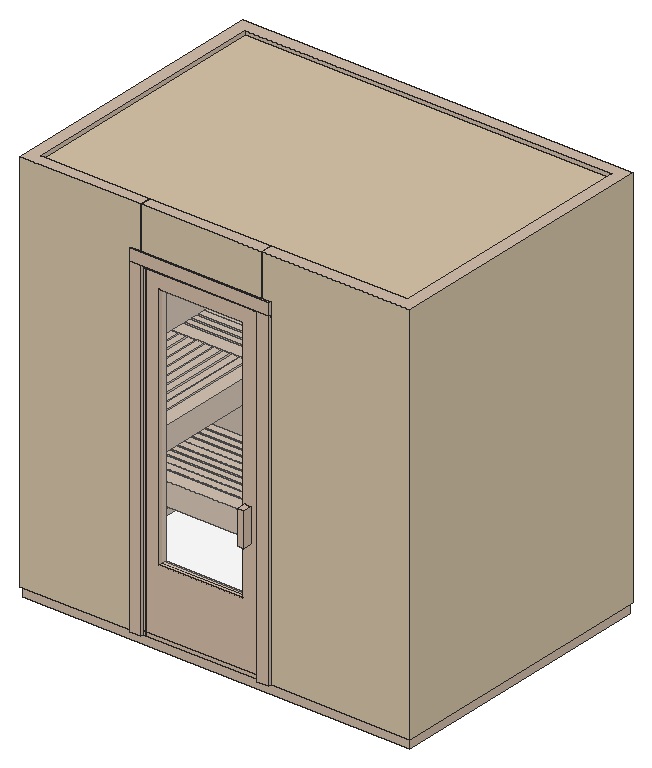
Revit family "Sauna-Room_Prefab_Finlandia_FPF-57", category Specialty Equipment, Revit 2026
Family settings
  Round Connector Dimension = Use Diameter
  Part Type = Normal
  Classification Number = 23.40.50.34.37
  Work Plane-Based = Yes
  Enable Cutting in Views = No
  Always vertical = No
  Cut with Voids When Loaded = No
  Maintain Annotation Orientation = No
  Shared = No
  Room Calculation Point = No
Parameters (values of type "Indoor Reversed as Specified")
  Warranty Duration (Years) = 0
  Wall Thickness = 0' - 2 1/2"
  Unit Width = 7' - 0"
  Unit Height = 7' - 1"
  Unit Depth = 5' - 0"
  URL = "http://www.finlandiasauna.com/index.html"
  UBRRO = 0' - 0"  # constant formula
  UBRLO = 0' - 0"  # constant formula
  Structural Frame Material [instance] = Wood - Red Cedar - Finlandia - Finish as Specified
  Standard = not(Reversed)  # no
  Specification = "http://www.arcat.com/sdspecs/htm/13052fin.htm"
  SpecWizard = ""
  Send Message = "http://www.arcat.com/users.pl?action=UserEmail&amp;company=Finlandia+Sauna+Products,+Inc.&amp;coid=32492&amp;rep=133&amp;fax=503-684-1120&amp;mf=95"
  Sales Information = "http://www.finlandiasauna.com/sauna-contactus.html"
  Revision = "R1_2014-07"
  Reversed = yes
  Product Properties = ""
  Product Data = "http://www.arcat.com/arcatcos/cos9532/arc32492.html"
  Model = "FPF 57"
  Manufacturer Website = "http://www.finlandiasauna.com/index.html"
  Manufacturer Phone - Toll Free = "800-354-3342"
  Manufacturer Phone = "503-684-8289"
  Manufacturer Fax = "503-684-1120"
  Manufacturer Address = "14010-B S.W. 72nd Ave.  Portland, OR 97224-0088"
  Manufacturer = "Finlandia Sauna Products, Inc."
  Maintenance Schedule (Months) = 0
  LBRRO = 0' - 0"  # constant formula
  LBRLO = 0' - 0"  # constant formula
  Keynote = "13052"
  Interior Finish [instance] = Wood - TnG - Finlandia - Red Cedar as Specified
  Installation-Fabrication = ""
  Installation Phase = ""
  Heater Type [instance] = SaunaHeater : FIN 3 kW
  Green Building-LEED = "http://www.arcat.com/green/clients95/leed_data_32492.html"
  Exterior Finish [instance] = Wood - Mahogany - Finlandia - Finish as Specified
  Exposed Base [instance] = 0' - 2"
  Expected Lifespan (Years) = 0
  Drawn By = "Sumex Design, Inc. / Robert S. Weygant, CSI, CDT, SCIP"
  DoorOffset = if(Reversed, Unit Width - 2' 2" - Door RO Width, 2' 2")  # 2' - 8"
  Door Slab Finish [instance] = Wood - Douglas Fir - Finlandia - Finish as Specified
  Door RO Width = 2' - 2"
  Door RO Height [instance] = 6' - 0"
  Door Glazing Tint [instance] = Glazing - Finlandia - Clear
  Door Frame Finish [instance] = Wood - Douglas Fir - Finlandia - Finish as Specified
  Description = "Finlandia Prefab Modular Sauna Room - FPF 57 as Specified"
  Default Elevation = 0' - 0"
  Copyright = "©Arcat Inc."
  Construction Details = "http://www.arcat.com/details/finsauna/95finsauna.html?coid=32492"
  Capacity = "4 People"
  Bench Slat Material [instance] = Wood - Red Cedar - Finlandia - Finish as Specified
  Assembly Code = "F1010300"
Types (2): name | Standard | Reversed | DoorOffset
  Indoor Reversed as Specified | no | yes | 2' - 8"
  Indoor Standard as Specified | yes | no | 2' - 2"
Reference planes (in)
  plane 1 "Center (Front/Back)": y = 0
  plane 2 "Bottom": z = 0
  plane 3 "Center (Left/Right)": x = 0
  plane 4 "Front": y = -30
  plane 5 "Back": y = 30
  plane 6 "Left": x = -42
  plane 7 "Right": x = 42
  plane 8 "Top": z = 85
  plane 9: x = -39.5
  plane 10: x = 39.5
  plane 11: y = 27.5
  plane 12: y = -27.5
  plane 13: z = 2
  plane 14: x = -16
  plane 15: x = 10
  plane 16: z = 74
Forms (in)
  Extrusion 1, solid, material "Wood - Red Cedar - Finlandia - Finish as Specified" <- "Structural Frame Material"
    sketch origin (0, 0, 0) x (1, 0, 0) y (0, 1, 0)
      loop
        line (-41.65625, 29.65625) -> (-41.65625, -29.65625) -> (41.65625, -29.65625) -> (41.65625, 29.65625) -> (-41.65625, 29.65625)
      loop
        line (-40.15625, 28.15625) -> (-40.15625, -28.15625) -> (40.15625, -28.15625) -> (40.15625, 28.15625) -> (-40.15625, 28.15625)
    from 0 to 2
  Extrusion 2, solid, material "Wood - Red Cedar - Finlandia - Finish as Specified" <- "Structural Frame Material"
    sketch origin (0, 0, 0) x (1, 0, 0) y (0, 1, 0)
      loop
        line (-39.5, -27.5) -> (-39.5, 27.5) -> (39.5, 27.5) -> (39.5, -27.5) -> (10, -27.5) -> (10, -30) -> (42, -30) -> (42, 30) -> (-42, 30) -> (-42, -30) -> (-16, -30) -> (-16, -27.5) -> (-39.5, -27.5)
    from 2 to 85
  Sweep 3, solid, material "Wood - Red Cedar - Finlandia - Finish as Specified" <- "Bench Slat Material", visible <- "Reversed"
    path origin (0, 0, 0) x (1, 0, 0) y (0, 1, 0)
      loop
        line (-39.5, -27.5) -> (-39.5, 7.5)
    profile "Bench : Bench" origin (-39.5, -10, 0) x (-1, 0, 0) y (0, 0, 1)
      loop
        line (0, 31.5) -> (0, 36) -> (-1.625, 36) -> (-1.625, 34.5) -> (-2, 34.5) -> (-2, 36) -> (-3.5, 36) -> (-3.5, 34.5) -> (-3.875, 34.5) -> (-3.875, 36) -> (-5.375, 36) -> (-5.375, 34.5) -> (-5.75, 34.5) -> (-5.75, 36) -> (-7.25, 36) -> (-7.25, 34.5) -> (-7.625, 34.5) -> (-7.625, 36) -> (-9.125, 36) -> (-9.125, 34.5) -> (-9.5, 34.5) -> (-9.5, 36) -> (-11, 36) -> (-11, 34.5) -> (-11.375, 34.5) -> (-11.375, 36) -> (-12.875, 36) -> (-12.875, 34.5) -> (-13.25, 34.5) -> (-13.25, 36) -> (-14.75, 36) -> (-14.75, 34.5) -> (-15.125, 34.5) -> (-15.125, 36) -> (-16.625, 36) -> (-16.625, 34.5) -> (-17, 34.5) -> (-17, 36) -> (-20, 36) -> (-20, 31) -> (-18.5, 31) -> (-18.5, 31.5) -> (0, 31.5)
  Sweep 4, solid, material "Wood - Red Cedar - Finlandia - Finish as Specified" <- "Bench Slat Material", visible <- "Standard"
    path origin (0, 0, 0) x (-1, 0, 0) y (0, 1, 0)
      loop
        line (-39.5, -27.5) -> (-39.5, 7.5)
    profile "Bench : Bench" origin (39.5, -10, 0) x (-1, 0, 0) y (0, 0, 1)
      loop
        line (0, 31.5) -> (18.5, 31.5) -> (18.5, 31) -> (20, 31) -> (20, 36) -> (17, 36) -> (17, 34.5) -> (16.625, 34.5) -> (16.625, 36) -> (15.125, 36) -> (15.125, 34.5) -> (14.75, 34.5) -> (14.75, 36) -> (13.25, 36) -> (13.25, 34.5) -> (12.875, 34.5) -> (12.875, 36) -> (11.375, 36) -> (11.375, 34.5) -> (11, 34.5) -> (11, 36) -> (9.5, 36) -> (9.5, 34.5) -> (9.125, 34.5) -> (9.125, 36) -> (7.625, 36) -> (7.625, 34.5) -> (7.25, 34.5) -> (7.25, 36) -> (5.75, 36) -> (5.75, 34.5) -> (5.375, 34.5) -> (5.375, 36) -> (3.875, 36) -> (3.875, 34.5) -> (3.5, 34.5) -> (3.5, 36) -> (2, 36) -> (2, 34.5) -> (1.625, 34.5) -> (1.625, 36) -> (0, 36) -> (0, 31.5)
  Sweep 5, solid, material "Wood - Red Cedar - Finlandia - Finish as Specified" <- "Bench Slat Material"
    path origin (-77.70319, 6.79815, 0) x (-1, 0, 0) y (0, 1, 0)
      loop
        line (-117.20319, 20.70185) -> (-38.20319, 20.70185)
    profile "Bench : Bench" origin (0, 27.5, 0) x (0, -1, 0) y (0, 0, 1)
      loop
        line (0, 31.5) -> (18.5, 31.5) -> (18.5, 31) -> (20, 31) -> (20, 36) -> (17, 36) -> (17, 34.5) -> (16.625, 34.5) -> (16.625, 36) -> (15.125, 36) -> (15.125, 34.5) -> (14.75, 34.5) -> (14.75, 36) -> (13.25, 36) -> (13.25, 34.5) -> (12.875, 34.5) -> (12.875, 36) -> (11.375, 36) -> (11.375, 34.5) -> (11, 34.5) -> (11, 36) -> (9.5, 36) -> (9.5, 34.5) -> (9.125, 34.5) -> (9.125, 36) -> (7.625, 36) -> (7.625, 34.5) -> (7.25, 34.5) -> (7.25, 36) -> (5.75, 36) -> (5.75, 34.5) -> (5.375, 34.5) -> (5.375, 36) -> (3.875, 36) -> (3.875, 34.5) -> (3.5, 34.5) -> (3.5, 36) -> (2, 36) -> (2, 34.5) -> (1.625, 34.5) -> (1.625, 36) -> (0, 36) -> (0, 31.5)
  Sweep 6, solid, material "Wood - Red Cedar - Finlandia - Finish as Specified" <- "Bench Slat Material"
    path origin (-77.70319, -13.20185, 0) x (-1, 0, 0) y (0, 1, 0)
      loop
        line (-117.20319, 24.70185) -> (-38.20319, 24.70185)
    profile "Bench : Bench" origin (0, 11.5, 0) x (0, -1, 0) y (0, 0, 1)
      loop
        line (0, 13.5) -> (18.5, 13.5) -> (18.5, 13) -> (20, 13) -> (20, 18) -> (17, 18) -> (17, 16.5) -> (16.625, 16.5) -> (16.625, 18) -> (15.125, 18) -> (15.125, 16.5) -> (14.75, 16.5) -> (14.75, 18) -> (13.25, 18) -> (13.25, 16.5) -> (12.875, 16.5) -> (12.875, 18) -> (11.375, 18) -> (11.375, 16.5) -> (11, 16.5) -> (11, 18) -> (9.5, 18) -> (9.5, 16.5) -> (9.125, 16.5) -> (9.125, 18) -> (7.625, 18) -> (7.625, 16.5) -> (7.25, 16.5) -> (7.25, 18) -> (5.75, 18) -> (5.75, 16.5) -> (5.375, 16.5) -> (5.375, 18) -> (3.875, 18) -> (3.875, 16.5) -> (3.5, 16.5) -> (3.5, 18) -> (2, 18) -> (2, 16.5) -> (1.625, 16.5) -> (1.625, 18) -> (0, 18) -> (0, 13.5)
  Extrusion 7, solid, material "Wood - Red Cedar - Finlandia - Finish as Specified" <- "Structural Frame Material"
    sketch origin (-43.59721, -180, 85) x (-1, 0, 0) y (0, -1, 0)
      loop
        line (-27.59721, -152.5) -> (-27.59721, -150) -> (-53.59721, -150) -> (-53.59721, -152.5) -> (-27.59721, -152.5)
    from 0 to -11
  Extrusion 8, solid, material "Wood - Mahogany - Finlandia - Finish as Specified" <- "Exterior Finish"
    sketch origin (-43.59721, -180, 85) x (-1, 0, 0) y (0, -1, 0)
      loop
        line (-4.09721, -207.5) -> (-4.09721, -152.5) -> (-83.09721, -152.5) -> (-83.09721, -207.5) -> (-4.09721, -207.5)
    from -3.875 to -0.75
  Extrusion 9, solid, material "Wood - Red Cedar - Finlandia - Finish as Specified" <- "Bench Slat Material", visible <- "Standard"
    sketch origin (0, 0, 0) x (1, 0, 0) y (0, 1, 0)
      loop
        line (-16, -27.5) -> (-14.5, -27.5) -> (-14.5, -12.5) -> (-39.5, -12.5) -> (-39.5, -14) -> (-16, -14) -> (-16, -27.5)
    from 0 to 31.5
  Extrusion 10, solid, material "Wood - Red Cedar - Finlandia - Finish as Specified" <- "Bench Slat Material", visible <- "Reversed"
    sketch origin (0, 0, 0) x (-1, 0, 0) y (0, -1, 0)
      loop
        line (-16, 27.5) -> (-16, 14) -> (-39.5, 14) -> (-39.5, 12.5) -> (-14.5, 12.5) -> (-14.5, 27.5) -> (-16, 27.5)
    from 0 to 31.5
Dimensions and locks (in)
  equal spacing: plane 6 "Left", plane 3 "Center (Left/Right)", plane 7 "Right"
  "Unit Width": plane 6 "Left" to plane 7 "Right"
  equal spacing: plane 5 "Back", plane 1 "Center (Front/Back)", plane 4 "Front"
  "Unit Depth": plane 5 "Back" to plane 4 "Front"
  "Unit Height": plane 8 "Top" to level
  "Wall Thickness": plane 5 "Back" to plane 11
  "Wall Thickness": plane 12 to plane 4 "Front"
  "Wall Thickness": plane 6 "Left" to plane 9
  "Wall Thickness": plane 10 to plane 7 "Right"
  "Exposed Base": plane 13 to level
  plane 6 "Left" to Extrusion 1 sketch curve to Extrusion 1 sketch curve = 0' - 0 11/32" locked, 0' - 1 1/2" locked
  Extrusion 1 sketch curve to Extrusion 1 sketch curve to plane 7 "Right" = 0' - 1 1/2" locked, 0' - 0 11/32" locked
  plane 5 "Back" to Extrusion 1 sketch curve to Extrusion 1 sketch curve = 0' - 0 11/32" locked, 0' - 1 1/2" locked
  Extrusion 1 sketch curve to Extrusion 1 sketch curve to plane 4 "Front" = 0' - 1 1/2" locked, 0' - 0 11/32" locked
  "Door RO Width": plane 14 to plane 15
  "DoorOffset": plane 15 to plane 7 "Right"
  locked: plane 11 to Sweep 6 sketch curve at 16
  "LBRLO": plane 9 to Sweep 6 sketch curve
  "LBRRO": Sweep 6 sketch curve to plane 10
  locked: plane 11 to Sweep 3 sketch curve at 20
  locked: plane 11 to Sweep 4 sketch curve at 20
  "UBRRO": Sweep 5 sketch curve to plane 10
  "UBRLO": plane 9 to Sweep 5 sketch curve
  locked: nested 2 to plane 10 at 1
  locked: plane 9 to nested 1 at 1
  locked: nested 1 to plane 12 at 1
  locked: nested 2 to plane 12 at 1
  "Door RO Height": plane 16 to plane 13
  plane 9 to Extrusion 9 sketch curve to Extrusion 9 sketch curve = 1' - 11 1/2" locked, 0' - 1 1/2" locked
  Extrusion 10 sketch curve to Extrusion 10 sketch curve to plane 10 = 0' - 1 1/2" locked, 1' - 11 1/2" locked
  aligned: Extrusion 1 to plane 13
  aligned and locked: Extrusion 2 sketch curve to plane 9
  aligned and locked: Extrusion 2 sketch curve to plane 11
  aligned and locked: Extrusion 2 sketch curve to plane 10
  aligned and locked: Extrusion 2 sketch curve to plane 12
  aligned and locked: Extrusion 2 to plane 13
  aligned and locked: Extrusion 1 to plane 13
  aligned and locked: Extrusion 2 sketch curve to plane 4 "Front"
  aligned and locked: Extrusion 2 sketch curve to plane 7 "Right"
  aligned and locked: Extrusion 2 sketch curve to plane 5 "Back"
  aligned and locked: Extrusion 2 sketch curve to plane 6 "Left"
  aligned and locked: Extrusion 2 to plane 8 "Top"
  aligned and locked: Sweep 5 sketch curve to plane 11
  aligned and locked: plane 12 to Sweep 3 sketch curve
  aligned and locked: Sweep 3 sketch curve to plane 9
  aligned and locked: Sweep 4 sketch curve to plane 10
  aligned and locked: Sweep 4 sketch curve to plane 12
  aligned and locked: plane 15 to Extrusion 2 sketch curve
  aligned and locked: plane 14 to Extrusion 2 sketch curve
  aligned and locked: Extrusion 7 sketch curve to plane 12
  aligned and locked: plane 4 "Front" to Extrusion 7 sketch curve
  aligned and locked: plane 14 to Extrusion 7 sketch curve
  aligned and locked: Extrusion 7 sketch curve to plane 15
  aligned and locked: Extrusion 7 to plane 16
  aligned and locked: plane 15 to nested 3
  aligned and locked: nested 3 to plane 12
  aligned and locked: Extrusion 8 sketch curve to plane 12
  aligned and locked: Extrusion 8 sketch curve to plane 10
  aligned and locked: Extrusion 8 sketch curve to plane 11
  aligned and locked: Extrusion 8 sketch curve to plane 9
  aligned and locked: Extrusion 9 sketch curve to plane 9
  aligned and locked: Extrusion 10 sketch curve to plane 10
Automatic sketch dimensions
  Extrusion 2 sketch curve to plane 4 "Front" = 0' - 0"
  plane 12 to Extrusion 2 sketch curve = 0' - 0"
  Extrusion 9 sketch curve to plane 12 = 0' - 0"
  Extrusion 9 sketch curve to Extrusion 9 sketch curve = 1' - 1 1/2"
  Extrusion 9 sketch curve to Extrusion 9 sketch curve = 0' - 1 1/2"
  Extrusion 10 sketch curve to plane 12 = 0' - 0"
  Extrusion 10 sketch curve to Extrusion 10 sketch curve = 1' - 1 1/2"
  Extrusion 10 sketch curve to Extrusion 10 sketch curve = 0' - 1 1/2"
Nested families (in)
  nested 1: "SaunaHeater" at (-30.5, -21, 0), visible <- "Standard", type <- "Heater Type", type "FIN 3 kW"
    with Width 1' - 4", Height 2' - 0", Depth 0' - 11"
  nested 2: "SaunaHeater" at (30.5, -21, 0), visible <- "Reversed", type <- "Heater Type", type "FIN 3 kW"
    with Width 1' - 4", Height 2' - 0", Depth 0' - 11"
  nested 3: "Door" at (-3, -28.75, 2), Swing Right <- "Standard", Swing Left <- "Reversed", frame finish <- "Door Frame Finish", glazing <- "Door Glazing Tint", door finish <- "Door Slab Finish", Wall Thickness <- "Wall Thickness", Rough Width <- "Door RO Width", Rough Height <- "Door RO Height", type "Standard"
    with glazing Glazing - Finlandia - Clear, frame finish Wood - Douglas Fir - Finlandia - Finish as Specified, door finish Wood - Douglas Fir - Finlandia - Finish as Specified, built-in parameter 1001301 2' - 0", Wall Thickness 0' - 2 1/2", Swing Right no, Swing Left yes, built-in parameter 1001305 2' - 2", built-in parameter 1001304 6' - 0"
Connectors (in)
  electrical at (0, 0, 84.25)
    settings: on Extrusion 8, index 1, voltage 0 V, apparent load 0 VA, apparent load phase1 0 VA, apparent load phase2 0 VA, apparent load phase3 0 VA, power factor 1, load classification "Other", number of poles 1, system type 31, power factor state 1, is connector primary yes, connector utility no, sub classification motor no, connector description ""
Definition of nested family "SaunaHeater"
  Parameters
    Width = 1' - 8 1/8"
    Height = 2' - 8"
    Depth = 1' - 8 1/8"
    Default Elevation = 0' - 0"
  Reference planes (in)
    plane 1 "Center (Front/Back)": y = 0
    plane 2: z = 0
    plane 3 "Center (Left/Right)": x = 0
    plane 4: x = -10.0625
    plane 5: x = 10.0625
    plane 6: y = 10.0625
    plane 7: y = -10.0625
    plane 8: z = 32
  Forms (in)
    Extrusion 1, solid
      sketch origin (0, 0, 0) x (1, 0, 0) y (0, 1, 0)
        loop
          line (-10.0625, 10.0625) -> (-10.0625, -10.0625) -> (10.0625, -10.0625) -> (10.0625, 10.0625) -> (-10.0625, 10.0625)
      from 0 to 32
  Dimensions and locks (in)
    equal spacing: plane 4, plane 3 "Center (Left/Right)", plane 5
    equal spacing: plane 6, plane 1 "Center (Front/Back)", plane 7
    "Depth": plane 6 to plane 7
    "Width": plane 4 to plane 5
    "Height": plane 8 to level
    aligned and locked: level to plane 2
    aligned and locked: Extrusion 1 sketch curve to plane 6
    aligned and locked: plane 4 to Extrusion 1 sketch curve
    aligned and locked: plane 7 to Extrusion 1 sketch curve
    aligned and locked: Extrusion 1 sketch curve to plane 5
    aligned and locked: plane 8 to Extrusion 1
Definition of nested family "Door"
  Parameters
    glazing [instance] = none
    frame finish [instance] = none
    door finish [instance] = none
    Width [instance] = Rough Width - 0' 2"  # 2' - 0"
    Wall Thickness [instance] = 1' - 2"
    Swing Right [instance] = yes
    Swing Left [instance] = yes
    Rough Width [instance] = 2' - 2"
    Rough Height [instance] = 4' - 11.36872"
    Default Elevation = 4' - 0"
    Assembly Code = ""
  Reference planes (in)
    plane 1 "Center (Front/Back)": y = 0
    plane 2: z = 0
    plane 3 "Center (Left/Right)": x = 0
    plane 4: x = -13
    plane 5: x = 13
    plane 6: y = 7
    plane 7: y = -7
    plane 8: z = 59.36872
    plane 9: x = -15
    plane 10: x = 15
    plane 11: y = -31
  Forms (in)
    Extrusion 1, solid, material <- "frame finish"
      sketch origin (-22.33749, -180, 59.36872) x (-1, 0, 0) y (0, -1, 0)
        loop
          line (-9.33749, -187) -> (-9.33749, -173) -> (-7.33749, -173) -> (-7.33749, -172.5) -> (-9.83749, -172.5) -> (-9.83749, -173) -> (-10.33749, -173) -> (-10.33749, -187.5) -> (-7.33749, -187.5) -> (-7.33749, -187) -> (-9.33749, -187)
        loop
          line (-35.33749, -187) -> (-37.33749, -187) -> (-37.33749, -187.5) -> (-34.33749, -187.5) -> (-34.33749, -173) -> (-34.83749, -173) -> (-34.83749, -172.5) -> (-37.33749, -172.5) -> (-37.33749, -173) -> (-35.33749, -173) -> (-35.33749, -187)
      from -59.36872 to -0.5
    Extrusion 2, solid, material <- "frame finish"
      sketch origin (0, 0, 0) x (0, 1, 0) y (0, 0, 1)
        loop
          line (7, 58.36872) -> (7, 58.86872) -> (7.5, 58.86872) -> (7.5, 61.36872) -> (7, 61.36872) -> (7, 59.36872) -> (-7, 59.36872) -> (-7, 61.36872) -> (-7.5, 61.36872) -> (-7.5, 58.86872) -> (-7, 58.86872) -> (-7, 58.36872) -> (7, 58.36872)
      from -15 to 15
    Extrusion 3, solid, material <- "frame finish"
      sketch origin (0, 0, 0) x (1, 0, 0) y (0, 1, 0)
        loop
          line (-12, -5.25) -> (-11.25, -5.25) -> (-11.25, -4.375) -> (-12, -4.375) -> (-12, -5.25)
        loop
          line (12, -5.25) -> (12, -4.375) -> (11.25, -4.375) -> (11.25, -5.25) -> (12, -5.25)
      from 0 to 59.36872
    Extrusion 4, solid, material <- "frame finish"
      sketch origin (0, 0, 0) x (0, 1, 0) y (0, 0, 1)
        loop
          line (-5.25, 58.36872) -> (-5.25, 57.86872) -> (-4.375, 57.86872) -> (-4.375, 58.36872) -> (-5.25, 58.36872)
      from -13 to 13
    Extrusion 5, solid, material <- "door finish"
      sketch origin (-22.31101, -7, 48) x (-1, 0, 0) y (0, 0, 1)
        loop
          line (-34.31101, -47.25) -> (-10.31101, -47.25) -> (-10.31101, 10.36872) -> (-34.31101, 10.36872) -> (-34.31101, -47.25)
        loop
          line (-13.31101, 7.36872) -> (-31.31101, 7.36872) -> (-31.31101, -33.25) -> (-13.31101, -33.25) -> (-13.31101, 7.36872)
      from 0 to 1.75
    Extrusion 6, solid, material <- "frame finish"
      sketch origin (0, 0, 0) x (0, 1, 0) y (0, 0, 1)
        loop
          line (-7, 0.75) -> (-7, 0) -> (7, 0) -> (7, 0.75) -> (-7, 0.75)
      from -13 to 13
    Extrusion 7, solid, material <- "glazing"
      sketch origin (-22.31101, -7, 48) x (-1, 0, 0) y (0, 0, 1)
        loop
          line (-13.31101, 7.36872) -> (-31.31101, 7.36872) -> (-31.31101, -33.25) -> (-13.31101, -33.25) -> (-13.31101, 7.36872)
      from 1.125 to 0.625
    Extrusion 8, solid, material <- "door finish", visible <- "Swing Right"
      sketch origin (-22.31101, -7, 48) x (-1, 0, 0) y (0, 0, 1)
        loop
          line (-11.5611, -15.059) -> (-12.8111, -15.059) -> (-12.8111, -22.309) -> (-11.5611, -22.309) -> (-11.5611, -15.059)
      from 0 to -2
    Extrusion 9, solid, material <- "door finish", visible <- "Swing Left"
      sketch origin (-22.31101, -7, 48) x (-1, 0, 0) y (0, 0, 1)
        loop
          line (-33.06091, -15.059) -> (-33.06091, -22.309) -> (-31.81091, -22.309) -> (-31.81091, -15.059) -> (-33.06091, -15.059)
      from 0 to -2
  Lines and regions (in)
    symbolic lines, visible <- "Swing Right"
      curve 1: line (12, -7, 0) -> (12, -31, 0)
      curve 2: arc (12, -31, 0) -> (-4.97056, -23.97056, 0) -> (-12, -7, 0) r 24
    symbolic lines, visible <- "Swing Left"
      curve 3: arc (-12, -31, 0) -> (4.97056, -23.97056, 0) -> (12, -7, 0) r 24
      curve 4: line (-12, -31, 0) -> (-12, -7, 0)
  Dimensions and locks (in)
    equal spacing: plane 6, plane 1 "Center (Front/Back)", plane 7
    "Wall Thickness": plane 6 to plane 7
    equal spacing: plane 4, plane 3 "Center (Left/Right)", plane 5
    "Rough Width": plane 4 to plane 5
    "Rough Height": plane 8 to level
    Extrusion 1 sketch curve to plane 4 to Extrusion 1 sketch curve = 0' - 2" locked, 0' - 1" locked
    locked: Extrusion 1 sketch curve to plane 6 at 0.5  (x2)
    locked: plane 7 to Extrusion 1 sketch curve at 0.5  (x2)
    Extrusion 1 sketch curve to plane 4 to Extrusion 1 sketch curve = 0' - 2" locked, 0' - 0 1/2" locked
    Extrusion 1 sketch curve to plane 5 to Extrusion 1 sketch curve = 0' - 1" locked, 0' - 2" locked
    Extrusion 1 sketch curve to plane 5 to Extrusion 1 sketch curve = 0' - 0 1/2" locked, 0' - 2" locked
    Extrusion 2 sketch curve to plane 8 to Extrusion 2 sketch curve = 0' - 2" locked, 0' - 0 1/2" locked
    locked: Extrusion 2 sketch curve to plane 7 at 0.5
    locked: plane 6 to Extrusion 2 sketch curve at 0.5
    Extrusion 2 sketch curve to plane 8 to Extrusion 2 sketch curve to Extrusion 2 sketch curve = 0' - 2" locked, 0' - 0 1/2" locked, 0' - 0 1/2" locked
    Extrusion 3 sketch curve to Extrusion 3 sketch curve to plane 7 = 0' - 0 7/8" locked, 0' - 1 3/4" locked
    locked: Extrusion 3 sketch curve to Extrusion 3 sketch curve at 0.875
    locked: Extrusion 3 sketch curve to plane 7 at 1.75
    Extrusion 3 sketch curve to Extrusion 3 sketch curve to plane 5 = 0' - 0 3/4" locked, 0' - 1" locked
    plane 4 to Extrusion 3 sketch curve to Extrusion 3 sketch curve = 0' - 1" locked, 0' - 0 3/4" locked
    plane 7 to Extrusion 4 sketch curve to Extrusion 4 sketch curve = 0' - 1 3/4" locked, 0' - 0 7/8" locked
    plane 8 to Extrusion 4 sketch curve to Extrusion 4 sketch curve = 0' - 1" locked, 0' - 0 1/2" locked
    locked: plane 4 to plane 9 at 2
    locked: plane 10 to plane 5 at 2
    locked: Extrusion 5 sketch curve to plane 4 at 1
    locked: plane 5 to Extrusion 5 sketch curve at 1
    locked: plane 8 to Extrusion 5 sketch curve at 1
    locked: Extrusion 5 sketch curve to level at 0.75
    locked: Extrusion 6 sketch curve to level at 0.75
    locked: Extrusion 5 sketch curve to Extrusion 5 sketch curve at 3  (x3)
    locked: Extrusion 5 sketch curve to level at 14.75
    locked: Extrusion 7 sketch curve to level at 14.75
    locked: plane 8 to Extrusion 7 sketch curve at 4
    locked: Extrusion 7 sketch curve to plane 4 at 4
    locked: plane 5 to Extrusion 7 sketch curve at 4
    "Width": plane 7 to plane 11
    Extrusion 8 sketch curve to Extrusion 8 sketch curve to level = 0' - 7 1/4" locked, 2' - 1.691" locked
    locked: Extrusion 9 sketch curve to Extrusion 9 sketch curve at 7.25
    plane 5 to Extrusion 9 sketch curve to Extrusion 9 sketch curve = 0' - 2.25009" locked, 0' - 1 1/4" locked
    locked: Extrusion 9 sketch curve to level at 25.691
    Extrusion 8 sketch curve to Extrusion 8 sketch curve to plane 4 = 0' - 1 1/4" locked, 0' - 2.25009" locked
    aligned and locked: plane 2 to level
    aligned and locked: Extrusion 1 sketch curve to plane 4
    aligned and locked: plane 6 to Extrusion 1 sketch curve
    aligned and locked: Extrusion 1 sketch curve to plane 7  (x2)
    aligned and locked: plane 7 to Extrusion 1 sketch curve  (x2)
    aligned and locked: Extrusion 1 sketch curve to plane 5
    aligned and locked: Extrusion 1 sketch curve to plane 6
    aligned: plane 8 to Extrusion 1
    aligned and locked: plane 8 to Extrusion 2 sketch curve
    aligned and locked: plane 7 to Extrusion 2 sketch curve
    aligned and locked: Extrusion 2 sketch curve to plane 6
    aligned and locked: Extrusion 2 sketch curve to plane 7
    aligned and locked: plane 6 to Extrusion 2 sketch curve
    aligned and locked: plane 8 to Extrusion 3
    aligned and locked: plane 5 to Extrusion 4
    aligned and locked: Extrusion 4 to plane 4
    aligned and locked: plane 9 to Extrusion 2
    aligned and locked: Extrusion 2 to plane 10
    aligned and locked: Extrusion 6 sketch curve to plane 7
    aligned and locked: plane 6 to Extrusion 6 sketch curve
    aligned and locked: Extrusion 6 sketch curve to level
    aligned and locked: plane 5 to Extrusion 6
    aligned and locked: Extrusion 6 to plane 4
    aligned and locked: Extrusion 1 to level
  Automatic sketch dimensions
    curve 3 to plane 7 = 0' - 0"
    curve 4 to plane 11 = 0' - 0"
    curve 4 to plane 7 = 0' - 0"
    plane 4 to curve 3 = 0' - 1"
